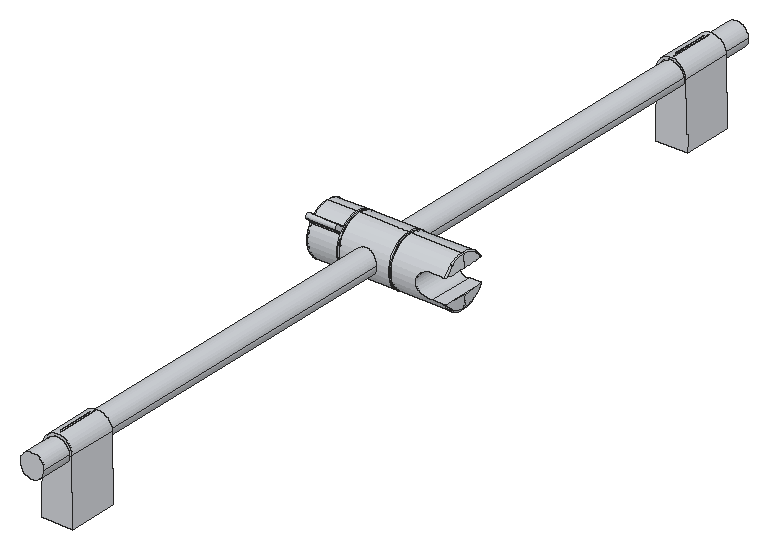
Revit family "Shower-Slidebar-KOHLER-AWAKEN -K-98341BR_1", category Specialty Equipment, host Face, Revit 2017
Family settings
  Host = Face
  Round Connector Dimension = Use Diameter
  Part Type = Normal
  OmniClass Number = 23.31.25.00
  OmniClass Title = Toilet and Bath Specialties
  Cut with Voids When Loaded = No
  Shared = No
  Room Calculation Point = No
Parameters (values of type "CP-Polished Chrome")
  Width = 4 3/8"  # constant formula
  WaterSense Certified = 1 = 0  # no
  URL = "https://br.kohler.com/"
  Type = 1
  Product Page URL = "https://br.kohler.com/product-detail/98341br?skuid=K-98341BR-CP"
  Product Name = "AWAKEN"  # constant formula
  Product Documentation Link = ""
  Model = if(Type = 1, "K-98341BR-CP", if(Type = 2, "K-98341BR-BL", if(Type = 3, "K-98341BR-BN", "NA")))  # "K-98341BR-CP"
  Material = "Premium Metal Construction"  # constant formula
  Master Format 2014 Name = "Toilet, Bath, and Laundry Accessories"  # constant formula
  Master Format 2014 = "10 28 00"  # constant formula
  Manufacturer Address = "Rio de Janeiro MULTIREPAROS RUA BATISTA DA COSTA, Nº 352 | STORE B Rio de Janeiro SÃO GONÇALO 24450-470"  # constant formula
  Manufacturer = "KOHLER Co."  # constant formula
  Length = 2 1/2"  # constant formula
  Height = 27 1/2"  # constant formula
  Finish = Kohler-Metal-CP-Polished_Chrome
  Environmental Product Declaration = ""
  Description = "610mm slide bar"  # constant formula
  Default Elevation = 42"
  Declare Label = ""
  Date Modified = "09/06/2021"  # constant formula
  Date Created = "09/06/2021"  # constant formula
  Copyright = "Copyright KOHLER Co."  # constant formula
  Contact Us = "https://br.kohler.com/asr-listing"
  Assembly Code = "C1030200"
  ADA Compliant = 1 = 0  # no
Types (4): name | Type | Product Page URL | Model | Finish
  (no name) | 1 | "https://br.kohler.com/product-detail/98341br?skuid=K-98341BR-CP" | "K-98341BR-CP" | Kohler-Metal-CP-Polished_Chrome
  CP-Polished Chrome | 1 | "https://br.kohler.com/product-detail/98341br?skuid=K-98341BR-CP" | "K-98341BR-CP" | Kohler-Metal-CP-Polished_Chrome
  BL-Matte Black | 2 | "https://br.kohler.com/product-detail/98341br?skuid=K-98341BR-BL" | "K-98341BR-BL" | Kohler-Metal-BL-Matte_Black
  BN-Vibrant Brushed Nickel | 3 | "https://br.kohler.com/product-detail/98341br?skuid=K-98341BR-BN" | "K-98341BR-BN" | Kohler-Metal-BN-Vibrant_Brushed_Nickel
Reference planes (in)
  plane 1 "Center (Front/Back)": y = 0
  plane 2: z = 0
  plane 3 "Center (Left/Right)": x = 0
  plane 4: y = 13.75
  plane 5: y = 12
  plane 6: y = -13.75
  plane 7: x = -1.84882
  plane 8: x = 2.52618
  plane 9: z = 2.5
  plane 10: y = -12
  plane 11: z = 2.03433
Dimensions and locks (in)
  "Height": plane 4 to plane 6
  "Width": plane 7 to plane 8
  plane 5 to plane 10 = 24"
  "Length": plane 9 to level
  plane 11 to level = 2.03433"
  aligned and locked: plane 2 to host face
  aligned and locked: level to host face
Automatic sketch dimensions
  host sketch curve to host sketch curve = 96"  (x2)
Nested families (in)
  nested 1: "K-98341BR" at (0, 0, 0), type "K-98341BR"
Definition of nested family "K-98341BR"
  Parameters (values of type "K-98341BR")
    Material = none
  Reference planes (in)
    plane 1 "Center (Front/Back)": y = 0
    plane 2: z = 0
    plane 3 "Center (Left/Right)": x = 0
    plane 4: y = -13.75
    plane 5: y = 13.75
    plane 6: y = 12
    plane 7: z = 2.5
    plane 8: x = -1.84882
    plane 9: x = 2.52618
  Forms (in)
    Extrusion 1, solid, material <- "Material", detail levels medium+fine
      sketch origin (0, 0, 0.06392) x (-1, 0, 0) y (0, 0, 1)
        loop
          circle (0, 1.97064) r 0.374
      from -13.75 to 13.75
    Revolve 2, solid, material <- "Material", detail levels medium+fine
      sketch origin (0, 0, 0.06392) x (-1, 0, 0) y (0, 0, 1)
        loop
          line (0.78221, 2.68588) -> (0.78221, 2.74204)
          arc (0.78221, 2.74204) -> (0.77637, 2.75614) -> (0.76228, 2.76198) r 0.01994
          line (0.76228, 2.76198) -> (-0.76228, 2.76198)
          arc (-0.76228, 2.76198) -> (-0.77637, 2.75614) -> (-0.78221, 2.74204) r 0.01994
          line (-0.78221, 2.74204) -> (-0.78221, 2.68588) -> (-0.81297, 2.68588)
          arc (-0.81297, 2.68588) -> (-0.82683, 2.69162) -> (-0.83257, 2.70547) r 0.0196
          line (-0.83257, 2.70547) -> (-0.83257, 2.74159)
          arc (-0.83257, 2.74159) -> (-0.83854, 2.75601) -> (-0.85296, 2.76198) r 0.02039
          line (-0.85296, 2.76198) -> (-2.43686, 2.76198)
          arc (-2.43686, 2.76198) -> (-2.46397, 2.75176) -> (-2.47756, 2.72618) r 0.04103
          arc (-2.47756, 2.72618) -> (-2.51401, 2.34739) -> (-2.52618, 1.96704) r 5.95086
          line (-2.52618, 1.96704) -> (1.84881, 1.96704)
          arc (1.84881, 1.96704) -> (1.83665, 2.34739) -> (1.80019, 2.72618) r 5.95086
          arc (1.80019, 2.72618) -> (1.7866, 2.75176) -> (1.7595, 2.76198) r 0.04103
          line (1.7595, 2.76198) -> (0.85296, 2.76198)
          arc (0.85296, 2.76198) -> (0.83854, 2.75601) -> (0.83257, 2.74159) r 0.02039
          line (0.83257, 2.74159) -> (0.83257, 2.70547)
          arc (0.83257, 2.70547) -> (0.82683, 2.69162) -> (0.81297, 2.68588) r 0.0196
          line (0.81297, 2.68588) -> (0.78221, 2.68588)
        axis (1.84881, 1.96704) -> (-2.52618, 1.96704)
      angle from 0 to 360
    Extrusion 3, solid, material <- "Material", detail levels medium+fine
      sketch origin (0, 0, 0.06392) x (-1, 0, 0) y (0, 0, 1)
        loop
          line (-0.45955, 1.97653) -> (-0.49517, -0.06392) -> (0.49517, -0.06392) -> (0.45955, 1.97653)
          arc (0.45955, 1.97653) -> (0, 2.43608) -> (-0.45955, 1.97653) r 0.45955
        loop
          arc (-0.09581, 2.34544) -> (0, 1.59537) -> (0.09581, 2.34544) r 0.38115
          arc (0.09581, 2.34544) -> (0.08163, 2.35183) -> (0.07036, 2.36256) r 0.04625
          arc (0.07036, 2.36256) -> (0.05822, 2.37229) -> (0.04288, 2.37488) r 0.03092
          arc (0.04288, 2.37488) -> (0, 2.37578) -> (-0.04288, 2.37488) r 1.019
          arc (-0.04288, 2.37488) -> (-0.05822, 2.37229) -> (-0.07036, 2.36256) r 0.03092
          arc (-0.07036, 2.36256) -> (-0.08163, 2.35183) -> (-0.09581, 2.34544) r 0.04625
      from 11.21968 to 12.77758
    Extrusion 4, solid, material <- "Material", detail levels medium+fine
      sketch origin (0, 0, 0.06392) x (-1, 0, 0) y (0, 0, -1)
        loop
          arc (-0.45955, -1.97653) -> (0, -2.43608) -> (0.45955, -1.97653) r 0.45955
          line (0.45955, -1.97653) -> (0.49517, 0.06392) -> (-0.49517, 0.06392) -> (-0.45955, -1.97653)
        loop
          arc (-0.09581, -2.34544) -> (-0.08163, -2.35183) -> (-0.07036, -2.36256) r 0.04625
          arc (-0.07036, -2.36256) -> (-0.05822, -2.37229) -> (-0.04288, -2.37488) r 0.03092
          arc (-0.04288, -2.37488) -> (0, -2.37578) -> (0.04288, -2.37488) r 1.019
          arc (0.04288, -2.37488) -> (0.05822, -2.37229) -> (0.07036, -2.36256) r 0.03092
          arc (0.07036, -2.36256) -> (0.08163, -2.35183) -> (0.09581, -2.34544) r 0.04625
          arc (0.09581, -2.34544) -> (0, -1.59537) -> (-0.09581, -2.34544) r 0.38115
      from 11.21968 to 12.77758
    Extrusion 5, void
      sketch origin (0, 1.98489, 2.04881) x (0, 0, 1) y (-1, 0, 0)
        loop
          arc (-0.36775, -2.49814) -> (-0.37872, -2.5218) -> (-0.40372, -2.5292) r 0.03166
          arc (-0.40372, -2.5292) -> (-0.44828, -2.54087) -> (-0.47153, -2.58063) r 0.06018
          line (-0.47153, -2.58063) -> (0.47153, -2.58063)
          arc (0.47153, -2.58063) -> (0.44828, -2.54087) -> (0.40372, -2.5292) r 0.06018
          arc (0.40372, -2.5292) -> (0.37872, -2.5218) -> (0.36775, -2.49814) r 0.03166
          line (0.36775, -2.49814) -> (0.36381, -2.10098)
          arc (0.36381, -2.10098) -> (0, -1.6077) -> (-0.36381, -2.10098) r 0.3808
          line (-0.36381, -2.10098) -> (-0.36775, -2.49814)
      from 0.97931 to 2.99047
    Extrusion 6, solid, material <- "Material", detail levels medium+fine
      sketch origin (0, 0, 0.06392) x (0, 1, 0) y (0, 0, 1)
        loop
          arc (-0.69817, 2.68861) -> (-0.80907, 2.68175) -> (-0.80221, 2.57085) r 0.07857
          line (-0.80221, 2.57085) -> (-0.69837, 2.47911)
          arc (-0.69837, 2.47911) -> (-0.66212, 2.40493) -> (-0.68895, 2.32685) r 0.10787
          line (-0.68895, 2.32685) -> (-0.44207, 2.60629)
          arc (-0.44207, 2.60629) -> (-0.51625, 2.57004) -> (-0.59433, 2.59687) r 0.10787
          line (-0.59433, 2.59687) -> (-0.69817, 2.68861)
      from -1.78148 to -0.85147
    Extrusion 7, solid, material <- "Material", detail levels coarse
      sketch origin (0, 0, 0.06392) x (-1, 0, 0) y (0, 0, 1)
        loop
          circle (0, 1.97064) r 0.39781
      from -13.75 to 13.75
    Extrusion 8, solid, material <- "Material", detail levels coarse
      sketch origin (0, 0, 0.06392) x (-1, 0, 0) y (0, 0, 1)
        loop
          line (0.49405, -0.06392) -> (0.49405, 2.43608) -> (-0.49405, 2.43608) -> (-0.49405, -0.06392) -> (0.49405, -0.06392)
      from 11.21968 to 12.77758
    Extrusion 9, solid, material <- "Material", detail levels coarse
      sketch origin (0, 0, 0.06392) x (-1, 0, 0) y (0, 0, -1)
        loop
          line (0.49405, 0.06392) -> (-0.49405, 0.06392) -> (-0.49405, -2.43608) -> (0.49405, -2.43608) -> (0.49405, 0.06392)
      from 11.21968 to 12.77758
    Extrusion 10, solid, material <- "Material", detail levels coarse
      sketch origin (0, 0, 0.06392) x (0, 1, 0) y (0, 0, 1)
        loop
          circle (0, 1.96704) r 0.79494
      from -1.85145 to 2.51569
  Cuts and joins
    Extrusion 5 cuts Revolve 2
    joined: Extrusion 1, Revolve 2, Extrusion 3, Extrusion 4, Extrusion 6
    joined: Extrusion 7, Extrusion 8, Extrusion 9, Extrusion 10
  Lines and regions (in)
    Masking region 1
      outline origin (0, 0, 0) x (0, 1, 0) y (-1, 0, 0)
        loop
          line (-12.77758, -0.374) -> (-12.77758, -0.49517) -> (-11.21968, -0.49517) -> (-11.21968, -0.374) -> (-0.79493, -0.374) -> (-0.79493, -0.76007)
          arc (-0.79493, -0.76007) -> (-0.78872, -0.77508) -> (-0.77371, -0.78129) r 0.02122
          line (-0.77371, -0.78129) -> (-0.71884, -0.78129) -> (-0.71884, -0.81202)
          arc (-0.71884, -0.81202) -> (-0.72485, -0.82655) -> (-0.73938, -0.83257) r 0.02055
          line (-0.73938, -0.83257) -> (-0.77338, -0.83257)
          arc (-0.77338, -0.83257) -> (-0.78862, -0.83888) -> (-0.79493, -0.85412) r 0.02155
          line (-0.79493, -0.85412) -> (-0.79493, -1.61645)
          arc (-0.79493, -1.61645) -> (-0.73623, -1.85559) -> (-0.7157, -2.10098) r 1.56735
          line (-0.7157, -2.10098) -> (-0.71403, -2.44924)
          arc (-0.71403, -2.44924) -> (-0.70044, -2.47941) -> (-0.66894, -2.48953) r 0.04072
          arc (-0.66894, -2.48953) -> (0, -2.52618) -> (0.66894, -2.48953) r 6.12272
          arc (0.66894, -2.48953) -> (0.70044, -2.47941) -> (0.71403, -2.44924) r 0.04072
          line (0.71403, -2.44924) -> (0.7157, -2.10098)
          arc (0.7157, -2.10098) -> (0.73623, -1.85559) -> (0.79493, -1.61645) r 1.56735
          line (0.79493, -1.61645) -> (0.79493, -0.85412)
          arc (0.79493, -0.85412) -> (0.78862, -0.83888) -> (0.77338, -0.83257) r 0.02155
          line (0.77338, -0.83257) -> (0.73938, -0.83257)
          arc (0.73938, -0.83257) -> (0.72485, -0.82655) -> (0.71884, -0.81202) r 0.02055
          line (0.71884, -0.81202) -> (0.71884, -0.78129) -> (0.77371, -0.78129)
          arc (0.77371, -0.78129) -> (0.78872, -0.77508) -> (0.79493, -0.76007) r 0.02122
          line (0.79493, -0.76007) -> (0.79493, -0.374) -> (11.21968, -0.374) -> (11.21968, -0.49517) -> (12.77758, -0.49517) -> (12.77758, -0.374) -> (13.75, -0.374) -> (13.75, 0.374) -> (12.77758, 0.374) -> (12.77758, 0.49517) -> (11.21968, 0.49517) -> (11.21968, 0.374) -> (0.79493, 0.374) -> (0.79493, 0.76007)
          arc (0.79493, 0.76007) -> (0.78872, 0.77508) -> (0.77371, 0.78129) r 0.02122
          line (0.77371, 0.78129) -> (0.71884, 0.78129) -> (0.71884, 0.81202)
          arc (0.71884, 0.81202) -> (0.72485, 0.82655) -> (0.73938, 0.83257) r 0.02055
          line (0.73938, 0.83257) -> (0.77338, 0.83257)
          arc (0.77338, 0.83257) -> (0.78765, 0.83797) -> (0.79477, 0.85147) r 0.02155
          line (0.79477, 0.85147) -> (0.79477, 1.76959)
          arc (0.79477, 1.76959) -> (0.78289, 1.79538) -> (0.75735, 1.80777) r 0.04213
          arc (0.75735, 1.80777) -> (0, 1.84882) -> (-0.75735, 1.80777) r 7.00834
          arc (-0.75735, 1.80777) -> (-0.7783, 1.79943) -> (-0.79194, 1.78148) r 0.04213
          line (-0.79194, 1.78148) -> (-0.82876, 1.78148) -> (-0.82876, 0.85147) -> (-0.79477, 0.85147)
          arc (-0.79477, 0.85147) -> (-0.78765, 0.83797) -> (-0.77338, 0.83257) r 0.02155
          line (-0.77338, 0.83257) -> (-0.73938, 0.83257)
          arc (-0.73938, 0.83257) -> (-0.72485, 0.82655) -> (-0.71884, 0.81202) r 0.02055
          line (-0.71884, 0.81202) -> (-0.71884, 0.78129) -> (-0.77371, 0.78129)
          arc (-0.77371, 0.78129) -> (-0.78872, 0.77508) -> (-0.79493, 0.76007) r 0.02122
          line (-0.79493, 0.76007) -> (-0.79493, 0.374) -> (-11.21968, 0.374) -> (-11.21968, 0.49517) -> (-12.77758, 0.49517) -> (-12.77758, 0.374) -> (-13.75, 0.374) -> (-13.75, -0.374) -> (-12.77758, -0.374)
    Masking region 2
      outline origin (0, 0, 0) x (0, 1, 0) y (0, 0, 1)
        loop
          line (13.75, 1.66056) -> (13.75, 2.40856) -> (12.77758, 2.40856) -> (12.77758, 2.5) -> (11.21968, 2.5) -> (11.21968, 2.40856) -> (0.69955, 2.40856)
          arc (0.69955, 2.40856) -> (0.14463, 2.81265) -> (-0.51813, 2.63387) r 0.79496
          arc (-0.51813, 2.63387) -> (-0.55885, 2.63992) -> (-0.59433, 2.66079) r 0.10787
          line (-0.59433, 2.66079) -> (-0.69817, 2.75254)
          arc (-0.69817, 2.75254) -> (-0.80907, 2.74568) -> (-0.80221, 2.63478) r 0.07857
          line (-0.80221, 2.63478) -> (-0.69837, 2.54303)
          arc (-0.69837, 2.54303) -> (-0.67328, 2.51038) -> (-0.66225, 2.47071) r 0.10787
          arc (-0.66225, 2.47071) -> (-0.68161, 2.44006) -> (-0.69955, 2.40856) r 0.79496
          line (-0.69955, 2.40856) -> (-11.21968, 2.40856) -> (-11.21968, 2.5) -> (-12.77758, 2.5) -> (-12.77758, 2.40856) -> (-13.75, 2.40856) -> (-13.75, 1.66056) -> (-12.77758, 1.66056) -> (-12.77758, 0) -> (-11.21968, 0) -> (-11.21968, 1.66056) -> (-0.70339, 1.66056)
          arc (-0.70339, 1.66056) -> (0, 1.23601) -> (0.70339, 1.66056) r 0.79496
          line (0.70339, 1.66056) -> (11.21968, 1.66056) -> (11.21968, 0) -> (12.77758, 0) -> (12.77758, 1.66056) -> (13.75, 1.66056)
    Masking region 3
      outline origin (0, 0, 0) x (1, 0, 0) y (0, 0, 1)
        loop
          line (-0.78221, 2.7498) -> (-0.81297, 2.7498)
          arc (-0.81297, 2.7498) -> (-0.82683, 2.75554) -> (-0.83257, 2.7694) r 0.0196
          line (-0.83257, 2.7694) -> (-0.83257, 2.80551)
          arc (-0.83257, 2.80551) -> (-0.83854, 2.81993) -> (-0.85296, 2.8259) r 0.02039
          line (-0.85296, 2.8259) -> (-1.7595, 2.8259)
          arc (-1.7595, 2.8259) -> (-1.7866, 2.81568) -> (-1.8002, 2.7901) r 0.04103
          arc (-1.8002, 2.7901) -> (-1.84882, 2.03096) -> (-1.8002, 1.27182) r 5.95086
          arc (-1.8002, 1.27182) -> (-1.7866, 1.24625) -> (-1.7595, 1.23603) r 0.04103
          line (-1.7595, 1.23603) -> (-0.85296, 1.23603)
          arc (-0.85296, 1.23603) -> (-0.83854, 1.242) -> (-0.83257, 1.25642) r 0.02039
          line (-0.83257, 1.25642) -> (-0.83257, 1.29253)
          arc (-0.83257, 1.29253) -> (-0.82683, 1.30639) -> (-0.81297, 1.31213) r 0.0196
          line (-0.81297, 1.31213) -> (-0.78221, 1.31213) -> (-0.78221, 1.25596)
          arc (-0.78221, 1.25596) -> (-0.77637, 1.24186) -> (-0.76228, 1.23603) r 0.01994
          line (-0.76228, 1.23603) -> (-0.47359, 1.23603) -> (-0.49517, 0) -> (0.49517, 0) -> (0.47359, 1.23603) -> (0.76228, 1.23603)
          arc (0.76228, 1.23603) -> (0.77637, 1.24186) -> (0.78221, 1.25596) r 0.01994
          line (0.78221, 1.25596) -> (0.78221, 1.31213) -> (0.81297, 1.31213)
          arc (0.81297, 1.31213) -> (0.82683, 1.30639) -> (0.83257, 1.29253) r 0.0196
          line (0.83257, 1.29253) -> (0.83257, 1.25642)
          arc (0.83257, 1.25642) -> (0.83854, 1.242) -> (0.85296, 1.23603) r 0.02039
          line (0.85296, 1.23603) -> (2.44848, 1.23603)
          arc (2.44848, 1.23603) -> (2.47558, 1.24625) -> (2.48918, 1.27182) r 0.04103
          arc (2.48918, 1.27182) -> (2.51085, 1.46531) -> (2.52618, 1.6594) r 5.95086
          arc (2.52618, 1.6594) -> (2.51479, 1.67499) -> (2.49645, 1.68107) r 0.03166
          line (2.49645, 1.68107) -> (2.10093, 1.68498)
          arc (2.10093, 1.68498) -> (1.6077, 2.04885) -> (2.10099, 2.41262) r 0.3808
          line (2.10099, 2.41262) -> (2.49847, 2.41656)
          arc (2.49847, 2.41656) -> (2.51466, 2.4212) -> (2.52618, 2.43349) r 0.03166
          arc (2.52618, 2.43349) -> (2.51137, 2.61206) -> (2.49119, 2.7901) r 5.95086
          arc (2.49119, 2.7901) -> (2.4776, 2.81568) -> (2.4505, 2.8259) r 0.04103
          line (2.4505, 2.8259) -> (0.85296, 2.8259)
          arc (0.85296, 2.8259) -> (0.83854, 2.81993) -> (0.83257, 2.80551) r 0.02039
          line (0.83257, 2.80551) -> (0.83257, 2.7694)
          arc (0.83257, 2.7694) -> (0.82683, 2.75554) -> (0.81297, 2.7498) r 0.0196
          line (0.81297, 2.7498) -> (0.78221, 2.7498) -> (0.78221, 2.80597)
          arc (0.78221, 2.80597) -> (0.77637, 2.82006) -> (0.76228, 2.8259) r 0.01994
          line (0.76228, 2.8259) -> (-0.76228, 2.8259)
          arc (-0.76228, 2.8259) -> (-0.77637, 2.82006) -> (-0.78221, 2.80597) r 0.01994
          line (-0.78221, 2.80597) -> (-0.78221, 2.7498)
    symbolic lines, detail levels medium+fine
      curve 1: line (-0.374, -12.77758, 0) -> (0.38115, -12.77758, 0)
      curve 2: line (-0.374, -11.21968, 0) -> (0.374, -11.21968, 0)
      curve 3: line (-0.83257, -0.73938, 0) -> (-0.83257, 0.73938, 0)
      curve 4: line (-0.78221, 0.71884, 0) -> (-0.78221, -0.71884, 0)
      curve 5: line (0.78129, -0.71884, 0) -> (0.78129, 0.71884, 0)
      curve 6: line (0.83257, -0.73938, 0) -> (0.83257, 0.73938, 0)
      curve 7: line (-1.78148, -0.5181, 0) -> (-0.85147, -0.5181, 0)
      curve 8: line (-0.85147, -0.79477, 0) -> (-0.85147, -0.5181, 0)
      curve 9: line (-1.78148, -0.79195, 0) -> (-1.78148, -0.5181, 0)
      curve 10: arc (-0.374, -0.79493, 0) -> (0, -0.70079, 0) -> (0.374, -0.79493, 0) r 0.78999
      curve 11: arc (-0.374, 0.79493, 0) -> (0, 0.70079, 0) -> (0.374, 0.79493, 0) r 0.78999
      curve 12: line (-0.374, 12.77758, 0) -> (0.38115, 12.77758, 0)
      curve 13: line (-0.374, 11.21968, 0) -> (0.374, 11.21968, 0)
      curve 14: line (0, 12.77758, 1.6593) -> (0, 12.77758, 2.40936)
      curve 15: line (0, 11.21968, 1.6593) -> (0, 11.21968, 2.40856)
      curve 16: arc (0, -0.51813, 2.63387) -> (0, -0.5958, 2.55725) -> (0, -0.66225, 2.47071) r 0.79496
      curve 17: arc (0, 0.70339, 1.66056) -> (0, 0.79491, 2.03915) -> (0, 0.69561, 2.41578) r 0.79496
      curve 18: arc (0, -0.69955, 2.40856) -> (0, -0.79495, 2.03504) -> (0, -0.70339, 1.66056) r 0.79496
      curve 19: line (0, -12.77758, 1.6593) -> (0, -12.77758, 2.40936)
      curve 20: line (0, -11.21968, 1.6593) -> (0, -11.21968, 2.40856)
      curve 21: line (-0.78221, 0, 2.7498) -> (-0.78221, 0, 1.31213)
      curve 22: line (-0.78221, 0, 1.31213) -> (-0.83257, 0, 1.29253)
      curve 23: line (-0.83257, 0, 1.29253) -> (-0.83257, 0, 2.7694)
      curve 24: line (0.78221, 0, 2.7498) -> (0.78221, 0, 1.31213)
      curve 25: line (0.83257, 0, 1.29253) -> (0.83257, 0, 2.7694)
      curve 26: arc (0.45955, 0, 2.04045) -> (0, 0, 2.5) -> (-0.45955, 0, 2.04045) r 0.45955
      curve 27: arc (0.09581, 0, 2.40936) -> (0, 0, 1.6593) -> (-0.09581, 0, 2.40936) r 0.38115
      curve 28: arc (-0.09581, 0, 2.40936) -> (-0.08163, 0, 2.41575) -> (-0.07036, 0, 2.42648) r 0.04625
      curve 29: arc (-0.07036, 0, 2.42648) -> (-0.05822, 0, 2.43621) -> (-0.04288, 0, 2.4388) r 0.03092
      curve 30: arc (-0.04288, 0, 2.4388) -> (0, 0, 2.4397) -> (0.04288, 0, 2.4388) r 1.019
      curve 31: arc (0.04288, 0, 2.4388) -> (0.05822, 0, 2.43621) -> (0.07036, 0, 2.42648) r 0.03092
      curve 32: arc (0.07036, 0, 2.42648) -> (0.08163, 0, 2.41575) -> (0.09581, 0, 2.40936) r 0.04625
      curve 33: line (-0.47359, 0, 1.23603) -> (-0.45955, 0, 2.04045)
      curve 34: line (0.47359, 0, 1.23603) -> (0.45955, 0, 2.04045)
      curve 35: line (-0.374, 13.44557, 0) -> (0.374, 13.44557, 0)
      curve 36: line (-0.374, -13.44557, 0) -> (0.374, -13.44557, 0)
      curve 37: line (0, 13.44531, 1.66056) -> (0, 13.44531, 2.40856)
      curve 38: line (0, -13.44531, 1.66056) -> (0, -13.44531, 2.40856)
  Dimensions and locks (in)
    plane 9 to plane 8 = 4 3/8"
    aligned and locked: level to plane 2
